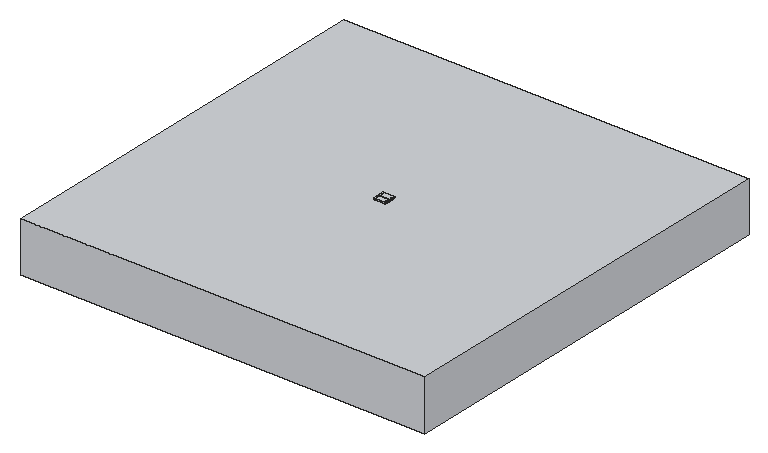
Revit family "Gira_2032112", category Elektroinstallationen, Revit 2017
Family settings
  Basisbauteil = Fläche
  Beschriftungsausrichtung beibehalten = Nein
  Bemaßung runder Anschluss = Durchmesser verwenden
  Teiletyp = Normal
  Beim Laden mit Abzugskörper schneiden = Nein
  Gemeinsam genutzt = Nein
  Raumberechnungspunkt = Nein
Parameters (values of type "KNX Tastsens.3 Komfort 2f Flächenschalter Reinweiß")
  Werkstoffgüte = "Thermoplast"
  Werkstoff Text = "Kunststoff"
  Default Elevation = 1219.2 mm
  URL = "https://www.gira.de/"
  Typname = "KNX Tastsens.3 Komfort 2f Flächenschalter Reinweiß"
  Type Comments = ""
  Transparent = no
  Schutzart (IP) = "IP20"
  RAL-Nummer (ähnlich) = 9010
  Produktseite = "https://media.stage.bim.site/t/eyJhbGciOiJIUzI1NiIsInR5cCI6IkpXVCJ9.eyJjdCI6MiwidHUiOiJodHRwOi8va2F0YWxvZy5naXJhLmRlL2RlX0RFL2RhdGVuYmxhdHQuaHRtbD9hcnRpa2VsbnI9MjAzMjExMiIsImNpZCI6IjMyNzdjYzIzLTgxYTktNGVlMy1hOTBhLWI0N2JiNGMwYjYxNiIsInJpZCI6ImM4NGU3N2U4ZmJmZjQwY2VhMmFkZGNkZjk4NWU5MzZhIiwicGlkIjoiYjU4MTBlOGRlMTA5MGEwOWFjZGU3ZWU5NTFiY2I4ZTIwM2E2NzI2NSIsInNpZCI6IjYzNDcwIiwidXQiOjEsImxjIjoiZGUiLCJpYXQiOjE2MDA5Mzg4MDAsImlzcyI6Imh0dHBzOi8vYXBpLmxpdmUuYmltLnNpdGUiLCJzdWIiOiJhZG1pbkBiaW1zaXRlLmRldiJ9.P96WrFlAL1Od-ujSO3MIWE6KrLnfSoqwqSrC_oITQr4"
  Oberfläche Text = "sonstige"
  Montageart = "Unterputz"
  Model = ""
  Mit Raumthermostat = yes
  Mit LED-Anzeige = yes
  Mit Infrarotsensor = no
  Mit Display = no
  Mit Diebstahl-/Demontageschutz = yes
  Mit Busankopplung = no
  Mit Beschriftungsfeld = no
  Kosten = 0
  Hersteller = "Gira"
  HeinzeBIM = "https://www.heinze.de/bim/knx-tastsens-3-komfort-2f-flaechenschalter-reinweiss/b5810e8de1090a09acde7ee951bcb8e203a67265"
  HAN = "2032112"
  GTIN = "4010337081807"
  Farbe = "weiß"
  Datenblatt 1 = "https://media.stage.bim.site/t/eyJhbGciOiJIUzI1NiIsInR5cCI6IkpXVCJ9.eyJjdCI6MSwidGYiOiJwdWJsaWMvZ2lyYS9hZThjNTU3LzIwMzIxMTIudHh0IiwiY2lkIjoiMzI3N2NjMjMtODFhOS00ZWUzLWE5MGEtYjQ3YmI0YzBiNjE2IiwicmlkIjoiYzg0ZTc3ZThmYmZmNDBjZWEyYWRkY2RmOTg1ZTkzNmEiLCJwaWQiOiJiNTgxMGU4ZGUxMDkwYTA5YWNkZTdlZTk1MWJjYjhlMjAzYTY3MjY1Iiwic2lkIjoiNjM0NzAiLCJ1dCI6MSwibGMiOiJkZSIsImlhdCI6MTYwMDkzODgwMCwiaXNzIjoiaHR0cHM6Ly9hcGkubGl2ZS5iaW0uc2l0ZSIsInN1YiI6ImFkbWluQGJpbXNpdGUuZGV2In0.6V8wWcq3dMQ3QYo_ZYOtYItQ_V24kT1oZF0h-MqAT-o/2032112.txt"
  Datenblatt = "https://media.stage.bim.site/t/eyJhbGciOiJIUzI1NiIsInR5cCI6IkpXVCJ9.eyJjdCI6MSwidHUiOiJodHRwczovL2thdGFsb2cuZ2lyYS5kZS9kZV9ERS9kb3dubG9hZC5odG1sP2FydGlrZWxucj0yMDMyMTEyIiwiY2lkIjoiMzI3N2NjMjMtODFhOS00ZWUzLWE5MGEtYjQ3YmI0YzBiNjE2IiwicmlkIjoiYzg0ZTc3ZThmYmZmNDBjZWEyYWRkY2RmOTg1ZTkzNmEiLCJwaWQiOiJiNTgxMGU4ZGUxMDkwYTA5YWNkZTdlZTk1MWJjYjhlMjAzYTY3MjY1Iiwic2lkIjoiNjM0NzAiLCJ1dCI6MSwibGMiOiJkZSIsImlhdCI6MTYwMDkzODgwMCwiaXNzIjoiaHR0cHM6Ly9hcGkubGl2ZS5iaW0uc2l0ZSIsInN1YiI6ImFkbWluQGJpbXNpdGUuZGV2In0.M8fgHojAxEx23rpoc6Gvyh9DAIE24rx8ozSR9-6QVWE"
  Bussystem Powernet = no
  Bussystem LON = no
  Bussystem KNX-Funk = no
  Bussystem KNX = yes
  Bussystem Funkbus = no
  Beschreibung = "KNX Tastsensor 3 Komfort 2fach  Reinweiß glänzend Merkmale:  Montage auf Busankoppler 3.  Demontageschutz durch Verschraubung.  Zwei mehrfarbige Status-LEDs je Bedienfläche.  Integrierter Temperatursensor zum Messen und Weiterleiten der lokalen Raumtemperatur.  Wippen- oder Tastenfunktion für jede Bedienfläche einstellbar.  Wippenfunktion: Schalten, Dimmen, Jalousiesteuerung, Wertgeber 1 Byte, Wertgeber 2 Byte und Szenennebenstelle.  Tastenfunktion: Schalten, Dimmen, Jalousiesteuerung, Wertgeber 1 Byte, Wertgeber 2 Byte, Szenennebenstelle und Raumtemperaturregler-Nebenstelle.  Reglernebenstelle: Betriebsmodusumschaltung mit normaler und hoher Priorität, definierte Wahl eines Betriebsmodus, Wechsel zwischen verschiedenen Betriebsmodi, Wechsel des Präsenzzustands, Sollwertverschiebung.  Sperrobjekt zum Sperren von einzelnen Tasten- bzw. Wippenfunktionen.  Anzeige einer Alarmmeldung durch Blinken sämtlicher LEDs.  Mehrfarbige Status-LED (rot, grün, blau) ist global oder jeweils getrennt konfigurierbar. Über den Bus kann eine überlagerte Funktion aktiviert werden, wodurch Farbe und Anzeigeinformation einzelner Status-LEDs prioritätsbedingt verändert werden können.  Weiße Betriebs-LED.  Betriebs-LED EIN, AUS, automatische Abschaltung oder über Objekt schaltbar.  Kommunikationsobjekt zur Helligkeitssteuerung der Status-LED und Betriebs-LED (z. B. für nächtliche Reduzierung der Helligkeit in Schlafräumen).  Hinweise :  Professionelle Beschriftung über den Gira Beschriftungsservice www.beschriftung.gira.de."
  Assembly Code = ""
  Keynote = ""
  BIMSITE_PRODUCT_ID = "b5810e8de1090a09acde7ee951bcb8e203a67265"
  BIM = "https://media.stage.bim.site/t/eyJhbGciOiJIUzI1NiIsInR5cCI6IkpXVCJ9.eyJjdCI6MSwidGYiOiJwdWJsaWMvZ2lyYS9hZThjNTU3L0tOWCBUYXN0c2Vuc29yIDMgS29tZm9ydCAyZmFjaC5yZmEiLCJjaWQiOiIzMjc3Y2MyMy04MWE5LTRlZTMtYTkwYS1iNDdiYjRjMGI2MTYiLCJyaWQiOiJjODRlNzdlOGZiZmY0MGNlYTJhZGRjZGY5ODVlOTM2YSIsInBpZCI6ImI1ODEwZThkZTEwOTBhMDlhY2RlN2VlOTUxYmNiOGUyMDNhNjcyNjUiLCJzaWQiOiI2MzQ3MCIsInV0Ijo1LCJsYyI6ImRlIiwiaWF0IjoxNjAwOTM4ODAwLCJpc3MiOiJodHRwczovL2FwaS5saXZlLmJpbS5zaXRlIiwic3ViIjoiYWRtaW5AYmltc2l0ZS5kZXYifQ.fXJpB4hN35YkpO2vZ_rIWbV65s4W77bVIGHwpaZwttU/KNX Tastsensor 3 Komfort 2fach.rfa"
  Ausführung der Oberfläche = "glänzend"
  Anzahl der Tasten = 2
  Anzahl der Betätigungspunkte = 4
  Andere Bussysteme = "ohne"
Reference planes
  plane 1 "Center (Front/Back)": y = 0
  plane 2: z = 0
  plane 3 "Center (Left/Right)": x = 0
  plane 4: z = -9.604
Forms (mm)
  Extrusion 1, solid
    sketch origin (0, 0, 0) x (1, 0, 0) y (0, 1, 0)
      loop
        line (-1219.2, 1219.2) -> (-1219.2, -1219.2) -> (1219.2, -1219.2) -> (1219.2, 1219.2) -> (-1219.2, 1219.2)
    from 0 to -304.8
  Extrusion 2, solid, detail levels fine
    sketch origin (0, 0, 0) x (1, 0, 0) y (0, 0, 1)
      loop
        line (-35.204, 3.097) -> (-35.258, 0) -> (-34.021, 0) -> (-33.888, 1.9) -> (33.888, 1.9) -> (34.021, 0) -> (35.258, 0) -> (35.204, 3.097) -> (34.204, 3.884) -> (35.165, 5.362) -> (35.143, 6.6) -> (-35.143, 6.6) -> (-35.165, 5.362) -> (-34.204, 3.884) -> (-35.204, 3.097)
    from -35.386 to -0.115
  Extrusion 3, solid, detail levels fine
    sketch origin (0, 0, 0) x (1, 0, 0) y (0, 0, 1)
      loop
        line (-34.914, -3.101) -> (34.914, -3.101) -> (34.835, -1.601) -> (33.811, -1.601) -> (33.523, 1.699) -> (-33.523, 1.699) -> (-33.811, -1.601) -> (-34.835, -1.601) -> (-34.914, -3.101)
    from -35 to 34.963
  SweptBlend 4, solid, detail levels fine
    path origin (0, 0, 0) x (0, 1, 0) y (0, 0, 1)
      loop
        line (0, -4.751) -> (0, -3.101)
    profile origin (0, 0, -4.751) x (0, -1, 0) y (1, 0, 0)
      loop
        line (-33.684, -33.637) -> (33.649, -33.637) -> (33.649, 33.637) -> (-33.684, 33.637) -> (-33.684, -33.637)
    end profile origin (0, 0, -3.101) x (0, -1, 0) y (1, 0, 0)
      loop
        line (33.94, -33.987) -> (33.94, 33.987) -> (-34.035, 33.987) -> (-34.035, -33.987) -> (33.94, -33.987)
  Extrusion 5, solid, detail levels fine
    sketch origin (0, 0, 0) x (1, 0, 0) y (0, 1, 0)
      loop
        line (-23.957, 19.167) -> (-23.957, 7.073) -> (-25.607, 7.073) -> (-25.607, -7.04) -> (-23.957, -7.04) -> (-23.957, -19.133)
        arc (-23.957, -19.133) -> (-22.549, -22.532) -> (-19.15, -23.94) r 4.807
        line (-19.15, -23.94) -> (19.15, -23.94)
        arc (19.15, -23.94) -> (22.549, -22.532) -> (23.957, -19.133) r 4.807
        line (23.957, -19.133) -> (23.957, -7.04) -> (25.607, -7.04) -> (25.607, 7.073) -> (23.957, 7.073) -> (23.957, 19.167)
        arc (23.957, 19.167) -> (22.549, 22.565) -> (19.15, 23.973) r 4.807
        line (19.15, 23.973) -> (-19.15, 23.973)
        arc (-19.15, 23.973) -> (-22.549, 22.565) -> (-23.957, 19.167) r 4.807
      loop
        line (-23.8, 6.217) -> (-24.95, 6.217) -> (-24.95, -6.183) -> (-23.843, -6.183) -> (-17.1, -3.181) -> (-17.1, 3.214) -> (-23.8, 6.217)
      loop
        line (23.843, 6.217) -> (17.1, 3.214) -> (17.1, -3.181) -> (23.8, -6.183) -> (24.95, -6.183) -> (24.95, 6.217) -> (23.843, 6.217)
    from -4.501 to -7.001
  Extrusion 6, solid, detail levels fine
    sketch origin (0, 0, 0) x (1, 0, 0) y (0, 1, 0)
      loop
        line (18.766, 1.305) -> (18.766, -1.275) -> (21, -2.565) -> (23.234, -1.275) -> (23.234, 1.305) -> (21, 2.595) -> (18.766, 1.305)
      loop
        line (-23.234, 1.305) -> (-23.234, -1.275) -> (-21, -2.565) -> (-18.766, -1.275) -> (-18.766, 1.305) -> (-21, 2.595) -> (-23.234, 1.305)
    from -5.101 to -7.001
  Extrusion 7, solid, detail levels fine
    sketch origin (0, 0, 0) x (1, 0, 0) y (0, 1, 0)
      loop
        line (-6.603, -21.281) -> (-6.603, -15.981) -> (6.603, -15.981) -> (6.603, -21.281) -> (7.397, -21.281) -> (7.397, -15.186) -> (-7.397, -15.186) -> (-7.397, -21.281) -> (-6.603, -21.281)
    from -7.301 to -10.401
  Extrusion 8, solid, detail levels fine
    sketch origin (0, 0, 0) x (1, 0, 0) y (0, 1, 0)
      loop
        line (-8.504, -14.749) -> (-8.504, -22.758) -> (8.504, -22.758) -> (8.504, -14.749) -> (-8.504, -14.749)
      loop
        circle (-5.08, -17.483) r 0.5
      loop
        circle (-2.54, -17.483) r 0.5
      loop
        circle (0, -17.483) r 0.5
      loop
        circle (2.54, -17.483) r 0.5
      loop
        circle (5.08, -17.483) r 0.5
      loop
        circle (5.08, -20.023) r 0.5
      loop
        circle (2.54, -20.023) r 0.5
      loop
        circle (0, -20.023) r 0.5
      loop
        circle (-2.54, -20.023) r 0.5
      loop
        circle (-5.08, -20.023) r 0.5
    from -6.527 to -7.301
  Extrusion 9, solid, detail levels fine
    sketch origin (0, 0, 0) x (1, 0, 0) y (0, 1, 0)
      loop
        line (-6.603, -18.141) -> (-6.603, -15.981) -> (-0.888, -15.981) -> (-0.888, -15.186) -> (-7.397, -15.186) -> (-7.397, -18.141) -> (-6.603, -18.141)
      loop
        line (6.603, -18.141) -> (7.397, -18.141) -> (7.397, -15.186) -> (0.888, -15.186) -> (0.888, -15.981) -> (6.603, -15.981) -> (6.603, -18.141)
    from -10.401 to -15.001
  Extrusion 10, solid, detail levels fine
    sketch origin (0, 0, 0) x (1, 0, 0) y (0, 1, 0)
      loop
        line (-14.008, -23.94) -> (-14.008, -25.541) -> (-12.361, -25.541) -> (-12.361, -24.233) -> (-9.639, -24.233) -> (-9.639, -25.541) -> (-7.992, -25.541) -> (-7.992, -23.94) -> (-14.008, -23.94)
    from -4.501 to -6.101
  Extrusion 11, solid, detail levels fine
    sketch origin (0, 0, 0) x (-1, 0, 0) y (0, -1, 0)
      loop
        line (-14.008, 23.94) -> (-7.992, 23.94) -> (-7.992, 25.541) -> (-9.639, 25.541) -> (-9.639, 24.233) -> (-12.361, 24.233) -> (-12.361, 25.541) -> (-14.008, 25.541) -> (-14.008, 23.94)
    from -4.501 to -6.101
  Extrusion 12, solid, detail levels fine
    sketch origin (0, 0, 0) x (-1, 0, 0) y (0, -1, 0)
      loop
        line (-14.008, -23.867) -> (-14.008, -25.574) -> (-12.361, -25.574) -> (-12.361, -24.233) -> (-9.639, -24.233) -> (-9.639, -25.574) -> (-7.992, -25.574) -> (-7.992, -23.867) -> (-14.008, -23.867)
    from -4.501 to -6.101
  Extrusion 13, solid, detail levels fine
    sketch origin (0, 0, 0) x (1, 0, 0) y (0, 1, 0)
      loop
        line (-14.008, 23.867) -> (-7.992, 23.867) -> (-7.992, 25.574) -> (-9.639, 25.574) -> (-9.639, 24.233) -> (-12.361, 24.233) -> (-12.361, 25.574) -> (-14.008, 25.574) -> (-14.008, 23.867)
    from -4.501 to -6.101
  Revolve 14, solid, detail levels fine
    sketch origin (0, 17.743, 0) x (1, 0, 0) y (0, 0, 1)
      loop
        line (-29, 7) -> (-30.327, 6) -> (-28, 6) -> (-28, 7) -> (-29, 7)
      axis (-28, 7) -> (-28, 6)
    angle from 0 to 360
  Extrusion 15, solid, detail levels coarse
    sketch origin (0, 0, 0) x (1, 0, 0) y (0, 1, 0)
      loop
        line (35.258, 35.386) -> (-35.258, 35.386) -> (-35.258, -35.355) -> (35.258, -35.355) -> (35.258, 35.386)
    from -18.904 to 7
  Extrusion 16, solid, detail levels medium
    sketch origin (0, 0, 0) x (1, 0, 0) y (0, 1, 0)
      loop
        line (35.258, 35.386) -> (-35.258, 35.386) -> (-35.258, 0.115) -> (35.258, 0.115) -> (35.258, 35.386)
    from 0 to 7
  Extrusion 17, solid, detail levels medium
    sketch origin (0, 0, 0) x (1, 0, 0) y (0, 1, 0)
      loop
        line (-34.914, 35.017) -> (-34.914, -34.994) -> (34.914, -34.994) -> (34.914, 35.017) -> (-34.914, 35.017)
    from 0 to -4.754
  Extrusion 18, solid, detail levels medium
    sketch origin (0, 0, 0) x (1, 0, 0) y (0, 1, 0)
      loop
        line (-23.957, 23.973) -> (-23.957, -23.94) -> (23.957, -23.94) -> (23.957, 23.973) -> (-23.957, 23.973)
    from -7.001 to -4.751
  Extrusion 19, solid, detail levels medium
    sketch origin (0, 0, 0) x (1, 0, 0) y (0, 1, 0)
      loop
        line (-7.397, -15.186) -> (-7.397, -21.281) -> (7.397, -21.281) -> (7.397, -15.186) -> (-7.397, -15.186)
    from -15.001 to 0
  Extrusion 20, solid, detail levels fine
    sketch origin (0, 0, 0) x (1, 0, 0) y (0, 1, 0)
      loop
        circle (-21.002, 0.017) r 1.5
      loop
        circle (21.002, 0.017) r 1.5
    from -9.604 to -5.101
  Extrusion 21, solid, detail levels fine
    sketch origin (0, 0, 0) x (1, 0, 0) y (0, 0, 1)
      loop
        line (-24.092, -5.101) -> (-25.266, -10.462)
        arc (-25.266, -10.462) -> (-25.344, -11.857) -> (-24.981, -13.206) r 4.4
        line (-24.981, -13.206) -> (-23.425, -16.671) -> (-23.055, -17.494)
        arc (-23.055, -17.494) -> (-22.984, -18.085) -> (-23.262, -18.612) r 1
        arc (-23.262, -18.612) -> (-22.789, -18.919) -> (-22.319, -18.607) r 0.514
        arc (-22.319, -18.607) -> (-22.168, -17.886) -> (-22.326, -17.166) r 1.8
        line (-22.326, -17.166) -> (-22.695, -16.344) -> (-24.252, -12.879)
        arc (-24.252, -12.879) -> (-24.548, -11.775) -> (-24.484, -10.634) r 3.6
        line (-24.484, -10.634) -> (-23.273, -5.101) -> (-24.092, -5.101)
    from -5.999 to -3.15
  Extrusion 22, solid, detail levels fine
    sketch origin (0, 0, 0) x (1, 0, 0) y (0, 0, -1)
      loop
        line (-24.092, 5.101) -> (-23.273, 5.101) -> (-24.484, 10.634)
        arc (-24.484, 10.634) -> (-24.548, 11.775) -> (-24.252, 12.879) r 3.6
        line (-24.252, 12.879) -> (-22.695, 16.344) -> (-22.326, 17.166)
        arc (-22.326, 17.166) -> (-22.168, 17.886) -> (-22.319, 18.607) r 1.8
        arc (-22.319, 18.607) -> (-22.789, 18.919) -> (-23.262, 18.612) r 0.514
        arc (-23.262, 18.612) -> (-22.984, 18.085) -> (-23.055, 17.494) r 1
        line (-23.055, 17.494) -> (-23.425, 16.671) -> (-24.981, 13.206)
        arc (-24.981, 13.206) -> (-25.344, 11.857) -> (-25.266, 10.462) r 4.4
        line (-25.266, 10.462) -> (-24.092, 5.101)
    from -5.999 to -3.15
  Extrusion 23, solid, detail levels fine
    sketch origin (0, 0, 0) x (-1, 0, 0) y (0, 0, -1)
      loop
        line (-24.092, 5.101) -> (-23.273, 5.101) -> (-24.484, 10.634)
        arc (-24.484, 10.634) -> (-24.548, 11.775) -> (-24.252, 12.879) r 3.6
        line (-24.252, 12.879) -> (-22.695, 16.344) -> (-22.326, 17.166)
        arc (-22.326, 17.166) -> (-22.168, 17.886) -> (-22.319, 18.607) r 1.8
        arc (-22.319, 18.607) -> (-22.789, 18.919) -> (-23.262, 18.612) r 0.514
        arc (-23.262, 18.612) -> (-22.984, 18.085) -> (-23.055, 17.494) r 1
        line (-23.055, 17.494) -> (-23.425, 16.671) -> (-24.981, 13.206)
        arc (-24.981, 13.206) -> (-25.344, 11.857) -> (-25.266, 10.462) r 4.4
        line (-25.266, 10.462) -> (-24.092, 5.101)
    from -5.999 to -3.15
  Extrusion 24, solid, detail levels fine
    sketch origin (0, 0, 0) x (-1, 0, 0) y (0, 0, 1)
      loop
        line (-24.092, -5.101) -> (-25.266, -10.462)
        arc (-25.266, -10.462) -> (-25.344, -11.857) -> (-24.981, -13.206) r 4.4
        line (-24.981, -13.206) -> (-23.425, -16.671) -> (-23.055, -17.494)
        arc (-23.055, -17.494) -> (-22.984, -18.085) -> (-23.262, -18.612) r 1
        arc (-23.262, -18.612) -> (-22.789, -18.919) -> (-22.319, -18.607) r 0.514
        arc (-22.319, -18.607) -> (-22.168, -17.886) -> (-22.326, -17.166) r 1.8
        line (-22.326, -17.166) -> (-22.695, -16.344) -> (-24.252, -12.879)
        arc (-24.252, -12.879) -> (-24.548, -11.775) -> (-24.484, -10.634) r 3.6
        line (-24.484, -10.634) -> (-23.273, -5.101) -> (-24.092, -5.101)
    from -5.999 to -3.15
  Extrusion 25, solid, detail levels medium
    sketch origin (0, 0, 0) x (1, 0, 0) y (0, 0, 1)
      loop
        line (-22.422, -18.904) -> (-21.545, -18.904) -> (-24.739, -11.795) -> (-23.273, -5.101) -> (-24.092, -5.101) -> (-25.577, -11.881) -> (-22.422, -18.904)
    from -5.999 to 6
  Extrusion 26, solid, detail levels medium
    sketch origin (0, 0, 0) x (-1, 0, 0) y (0, 0, -1)
      loop
        line (-22.422, 18.904) -> (-25.577, 11.881) -> (-24.092, 5.101) -> (-23.273, 5.101) -> (-24.739, 11.795) -> (-21.545, 18.904) -> (-22.422, 18.904)
    from -5.999 to 6
  Extrusion 27, solid, detail levels medium
    sketch origin (0, 0, 0) x (1, 0, 0) y (0, 1, 0)
      loop
        line (-22.502, 1.517) -> (-22.502, -1.483) -> (-19.502, -1.483) -> (-19.502, 1.517) -> (-22.502, 1.517)
      loop
        line (22.502, 1.517) -> (19.502, 1.517) -> (19.502, -1.483) -> (22.502, -1.483) -> (22.502, 1.517)
    from -9.604 to -5.101
  Extrusion 28, solid, detail levels fine
    sketch origin (0, 0, 0) x (1, 0, 0) y (0, 0, -1)
      loop
        line (-35.204, -3.097) -> (-34.204, -3.884) -> (-35.165, -5.362) -> (-35.143, -6.6) -> (35.143, -6.6) -> (35.165, -5.362) -> (34.204, -3.884) -> (35.204, -3.097) -> (35.258, 0) -> (34.021, 0) -> (33.888, -1.9) -> (-33.888, -1.9) -> (-34.021, 0) -> (-35.258, 0) -> (-35.204, -3.097)
    from -35.386 to -0.115
  Extrusion 29, solid, detail levels medium
    sketch origin (0, 0, 0) x (1, 0, 0) y (0, 1, 0)
      loop
        line (35.258, -35.386) -> (35.258, -0.115) -> (-35.258, -0.115) -> (-35.258, -35.386) -> (35.258, -35.386)
    from 0 to 7
  Revolve 30, solid, detail levels fine
    sketch origin (0, -17.743, 0) x (1, 0, 0) y (0, 0, -1)
      loop
        line (-29, -7) -> (-28, -7) -> (-28, -6) -> (-30.327, -6) -> (-29, -7)
      axis (-28, -7) -> (-28, -6)
    angle from 0 to 360
  Revolve 31, solid, detail levels fine
    sketch origin (0, -17.743, 0) x (-1, 0, 0) y (0, 0, 1)
      loop
        line (-29, 7) -> (-30.327, 6) -> (-28, 6) -> (-28, 7) -> (-29, 7)
      axis (-28, 7) -> (-28, 6)
    angle from 0 to 360
  Revolve 32, solid, detail levels fine
    sketch origin (0, 17.743, 0) x (-1, 0, 0) y (0, 0, -1)
      loop
        line (-29, -7) -> (-28, -7) -> (-28, -6) -> (-30.327, -6) -> (-29, -7)
      axis (-28, -7) -> (-28, -6)
    angle from 0 to 360
Lines and regions (mm)
  reference lines
    curve 1: line (0, 35.386, 0) -> (0, -35.386, 0)
Dimensions and locks
  aligned and locked: plane 2 to Extrusion 1
  aligned and locked: level to Extrusion 1
Connectors
  electrical at (0, -18.753, -7.301)
    settings: on Extrusion 8, index 1, voltage 220 V, apparent load 0 VA, apparent load phase1 0 VA, apparent load phase2 0 VA, apparent load phase3 0 VA, power factor 1, load classification "Other", number of poles 1, system type 31, power factor state 1, is connector primary yes, connector utility no, sub classification motor no, connector description ""
